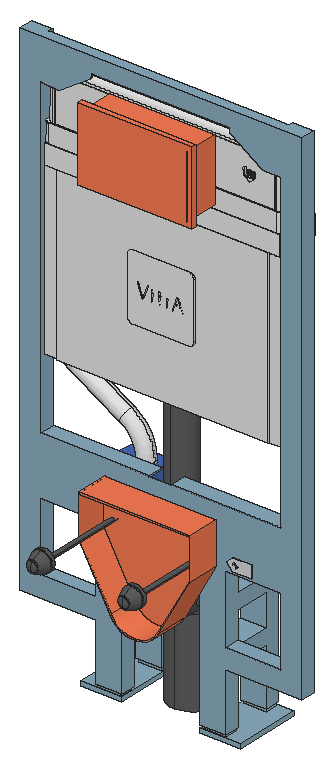
Revit family "ConcealedCistern-ForWallHungWCPans-8cm-InsideInPlasterboardWall-FloorMounting-VitrA-768-4800", category Plumbing Fixtures, host Face, Revit 2017 (continued)
Automatic sketch dimensions
  Extrusion 42 sketch curve to Extrusion 42 sketch curve = 17.976 mm
  Extrusion 42 sketch curve to Extrusion 42 sketch curve = 11.658 mm
  Extrusion 42 sketch curve to Extrusion 42 sketch curve = 10 mm  (x2)
  plane 3 "Center (Left/Right)" to Extrusion 42 sketch curve = 2.861 mm
  Extrusion 42 sketch curve to Extrusion 42 sketch curve = 0.937 mm
  Extrusion 42 sketch curve to Extrusion 42 sketch curve = 7.721 mm
  plane 3 "Center (Left/Right)" to Extrusion 42 sketch curve = 11.889 mm
  Extrusion 42 sketch curve to Extrusion 42 sketch curve = 1.502 mm
  Extrusion 42 sketch curve to Extrusion 42 sketch curve = 1.858 mm
  Extrusion 42 sketch curve to Extrusion 42 sketch curve = 2.553 mm
  Extrusion 42 sketch curve to Extrusion 42 sketch curve = 0.693 mm
  Extrusion 42 sketch curve to Extrusion 42 sketch curve = 4.368 mm
  Extrusion 42 sketch curve to Extrusion 42 sketch curve = 0.781 mm
  Extrusion 42 sketch curve to Extrusion 42 sketch curve = 9.696 mm
  Extrusion 42 sketch curve to Extrusion 42 sketch curve = 0.531 mm
  Extrusion 42 sketch curve to Extrusion 42 sketch curve = 0.879 mm
  Extrusion 42 sketch curve to Extrusion 42 sketch curve = 13.246 mm
  Extrusion 42 sketch curve to Extrusion 42 sketch curve = 0.258 mm
  Extrusion 42 sketch curve to Extrusion 42 sketch curve = 0.179 mm
  Extrusion 42 sketch curve to Extrusion 42 sketch curve = 1.384 mm
  Extrusion 42 sketch curve to Extrusion 42 sketch curve = 1.96 mm
  Extrusion 42 sketch curve to Extrusion 42 sketch curve = 1.397 mm
  Extrusion 42 sketch curve to Extrusion 42 sketch curve = 5.74 mm
  Extrusion 42 sketch curve to Extrusion 42 sketch curve = 0.284 mm
  Extrusion 42 sketch curve to Extrusion 42 sketch curve = 0.376 mm
  Extrusion 42 sketch curve to Extrusion 42 sketch curve = 1.63 mm
  Extrusion 42 sketch curve to Extrusion 42 sketch curve = 3.257 mm
  Extrusion 42 sketch curve to Extrusion 42 sketch curve = 0.824 mm
  Extrusion 42 sketch curve to Extrusion 42 sketch curve = 0.532 mm
  Extrusion 42 sketch curve to Extrusion 42 sketch curve = 11.499 mm
  plane 3 "Center (Left/Right)" to Extrusion 42 sketch curve = 55 mm
  plane 4 to Extrusion 42 sketch curve = 325.191 mm
  Extrusion 42 sketch curve to Extrusion 42 sketch curve = 41.818 mm
  Extrusion 42 sketch curve to Extrusion 42 sketch curve = 0.011 mm
  Extrusion 42 sketch curve to Extrusion 42 sketch curve = 0.223 mm  (x2)
  Extrusion 42 sketch curve to Extrusion 42 sketch curve = 0.584 mm
  Extrusion 42 sketch curve to Extrusion 42 sketch curve = 0.58 mm
  Extrusion 42 sketch curve to Extrusion 42 sketch curve = 0.129 mm
  Extrusion 42 sketch curve to Extrusion 42 sketch curve = 0.071 mm
  Extrusion 42 sketch curve to Extrusion 42 sketch curve = 0.201 mm
  Extrusion 42 sketch curve to Extrusion 42 sketch curve = 0.002 mm
  Extrusion 42 sketch curve to Extrusion 42 sketch curve = 1.093 mm
  Extrusion 42 sketch curve to Extrusion 42 sketch curve = 0.847 mm
  Extrusion 42 sketch curve to Extrusion 42 sketch curve = 2.594 mm
  Extrusion 42 sketch curve to Extrusion 42 sketch curve = 0.413 mm
  Extrusion 42 sketch curve to Extrusion 42 sketch curve = 8.73 mm
  Extrusion 42 sketch curve to Extrusion 42 sketch curve = 9.031 mm
  Extrusion 42 sketch curve to Extrusion 42 sketch curve = 1.187 mm
  Extrusion 42 sketch curve to Extrusion 42 sketch curve = 9.563 mm
  Extrusion 42 sketch curve to Extrusion 42 sketch curve = 0.343 mm
  Extrusion 42 sketch curve to Extrusion 42 sketch curve = 1.963 mm
  Extrusion 42 sketch curve to Extrusion 42 sketch curve = 1.53 mm
  Extrusion 42 sketch curve to Extrusion 42 sketch curve = 2.32 mm
  Extrusion 42 sketch curve to Extrusion 42 sketch curve = 3.431 mm
  Extrusion 42 sketch curve to Extrusion 42 sketch curve = 2.92 mm
  Extrusion 42 sketch curve to Extrusion 42 sketch curve = 1.049 mm
  Extrusion 42 sketch curve to Extrusion 42 sketch curve = 0.667 mm
  Extrusion 42 sketch curve to Extrusion 42 sketch curve = 13.754 mm
  Extrusion 42 sketch curve to Extrusion 42 sketch curve = 0 mm
  Extrusion 42 sketch curve to Extrusion 42 sketch curve = 3.29 mm
  Extrusion 42 sketch curve to Extrusion 42 sketch curve = 1.708 mm
  Extrusion 42 sketch curve to Extrusion 42 sketch curve = 1.713 mm
  Extrusion 42 sketch curve to Extrusion 42 sketch curve = 1.396 mm
  Extrusion 42 sketch curve to Extrusion 42 sketch curve = 2.653 mm
  Extrusion 42 sketch curve to Extrusion 42 sketch curve = 3.52 mm
  Extrusion 42 sketch curve to Extrusion 42 sketch curve = 3.889 mm
  Extrusion 42 sketch curve to Extrusion 42 sketch curve = 1.019 mm
  Extrusion 42 sketch curve to Extrusion 42 sketch curve = 1.585 mm
  Extrusion 42 sketch curve to Extrusion 42 sketch curve = 1.763 mm
  Extrusion 42 sketch curve to Extrusion 42 sketch curve = 7.024 mm
  Extrusion 42 sketch curve to Extrusion 42 sketch curve = 5.119 mm
  Extrusion 42 sketch curve to Extrusion 42 sketch curve = 4.575 mm
  Extrusion 42 sketch curve to Extrusion 42 sketch curve = 0.024 mm
  Extrusion 42 sketch curve to Extrusion 42 sketch curve = 3.66 mm
  Extrusion 42 sketch curve to Extrusion 42 sketch curve = 3.661 mm
  Extrusion 42 sketch curve to Extrusion 42 sketch curve = 19.437 mm
  Extrusion 42 sketch curve to Extrusion 42 sketch curve = 3.385 mm
  Extrusion 42 sketch curve to Extrusion 42 sketch curve = 0.203 mm  (x2)
  Extrusion 42 sketch curve to Extrusion 42 sketch curve = 43.99 mm
  Extrusion 43 sketch curve to plane 4 = 20.385 mm
  plane 7 to Extrusion 43 sketch curve = 130.625 mm
  Extrusion 43 sketch curve to plane 4 = 19.608 mm
  Extrusion 43 sketch curve to Extrusion 43 sketch curve = 1.807 mm
  Extrusion 43 sketch curve to plane 4 = 22.028 mm
  Extrusion 43 sketch curve to Extrusion 43 sketch curve = 0.714 mm
  Extrusion 43 sketch curve to Extrusion 43 sketch curve = 3.438 mm
  Extrusion 43 sketch curve to plane 4 = 23.9 mm
  Extrusion 43 sketch curve to Extrusion 43 sketch curve = 1.528 mm
  Extrusion 43 sketch curve to Extrusion 43 sketch curve = 1.368 mm
  Extrusion 43 sketch curve to Extrusion 43 sketch curve = 1.108 mm
  Extrusion 43 sketch curve to plane 4 = 0.916 mm
  Extrusion 43 sketch curve to Extrusion 43 sketch curve = 8.944 mm  (x2)
  Extrusion 43 sketch curve to plane 4 = 8.072 mm
  Extrusion 43 sketch curve to Extrusion 43 sketch curve = 1.77 mm
  Extrusion 43 sketch curve to Extrusion 43 sketch curve = 1.662 mm
  Extrusion 43 sketch curve to Extrusion 43 sketch curve = 1.232 mm
  Extrusion 44 sketch curve to plane 4 = 9.842 mm
  plane 7 to Extrusion 44 sketch curve = 120.588 mm
  Extrusion 44 sketch curve to Extrusion 44 sketch curve = 1.538 mm
  Extrusion 44 sketch curve to Extrusion 44 sketch curve = 1.719 mm  (x2)
  Extrusion 44 sketch curve to Extrusion 44 sketch curve = 2.156 mm
  Extrusion 44 sketch curve to Extrusion 44 sketch curve = 0.595 mm
  Extrusion 44 sketch curve to Extrusion 44 sketch curve = 4.307 mm
  Extrusion 44 sketch curve to Extrusion 44 sketch curve = 2.158 mm
  Extrusion 44 sketch curve to Extrusion 44 sketch curve = 0.507 mm
  Extrusion 44 sketch curve to Extrusion 44 sketch curve = 0.407 mm
  Extrusion 44 sketch curve to Extrusion 44 sketch curve = 4.288 mm
  Extrusion 44 sketch curve to Extrusion 44 sketch curve = 1.709 mm
  Extrusion 44 sketch curve to Extrusion 44 sketch curve = 0 mm  (x2)
  Extrusion 44 sketch curve to Extrusion 44 sketch curve = 6.389 mm
  Extrusion 44 sketch curve to Extrusion 44 sketch curve = 0.149 mm
  Extrusion 44 sketch curve to Extrusion 44 sketch curve = 0.466 mm
  Extrusion 44 sketch curve to Extrusion 44 sketch curve = 0.275 mm
  Extrusion 44 sketch curve to Extrusion 44 sketch curve = 0.349 mm
  Extrusion 44 sketch curve to Extrusion 44 sketch curve = 0.221 mm
  Extrusion 44 sketch curve to Extrusion 44 sketch curve = 1.997 mm
  Extrusion 44 sketch curve to Extrusion 44 sketch curve = 1.423 mm
  Extrusion 44 sketch curve to Extrusion 44 sketch curve = 0.344 mm
  plane 8 to Extrusion 33 sketch curve = 32.513 mm
  Extrusion 33 sketch curve to plane 5 = 197.549 mm
  Extrusion 33 sketch curve to plane 5 = 85.164 mm
  Extrusion 33 sketch curve to Extrusion 33 sketch curve = 2 mm
  plane 8 to Extrusion 33 sketch curve = 2.513 mm
  plane 8 to Sweep 26 sketch curve = 22.038 mm
  plane 1 "Center (Front/Back)" to Sweep 26 sketch curve = 27.846 mm
  Sweep 26 sketch curve to plane 5 = 134.854 mm
  plane 8 to Sweep 26 sketch curve = 4.538 mm
  Sweep 26 sketch curve to Sweep 26 sketch curve = 175 mm
  Extrusion 1 sketch curve to plane 1 "Center (Front/Back)" = 25.157 mm
  Extrusion 30 sketch curve to Extrusion 30 sketch curve = 28.679 mm
  Extrusion 30 sketch curve to Extrusion 30 sketch curve = 28.69 mm
  Extrusion 30 sketch curve to Extrusion 30 sketch curve = 0.01 mm
  Extrusion 31 sketch curve to Extrusion 31 sketch curve = 28.679 mm
  Extrusion 31 sketch curve to Extrusion 31 sketch curve = 28.69 mm
  Extrusion 31 sketch curve to Extrusion 31 sketch curve = 0.01 mm
  Extrusion 32 sketch curve to Extrusion 32 sketch curve = 23.679 mm  (x2)
  Extrusion 3 sketch curve to plane 10 = 47.341 mm
  plane 10 to Extrusion 4 sketch curve = 0 mm
  Extrusion 5 sketch curve to plane 10 = 41.472 mm  (x2)
  Extrusion 5 sketch curve to Extrusion 5 sketch curve = 4.246 mm
  Extrusion 5 sketch curve to plane 10 = 12 mm
  Extrusion 6 sketch curve to plane 10 = 0 mm  (x2)
  Extrusion 20 sketch curve to plane 10 = 46.33 mm
  curve 1 to Sweep 28 sketch curve = 0 mm
  Sweep 28 sketch curve to curve 1 = 0 mm
  curve 1 to Sweep 28 sketch curve = 48 mm
  curve 1 to Sweep 28 sketch curve = 67.384 mm
  curve 1 to Sweep 28 sketch curve = 50 mm
  curve 1 to plane 3 "Center (Left/Right)" = 0 mm
  radius of Extrusion 2 sketch curve = 65 mm
  radius of Extrusion 2 sketch curve = 26.044 mm
  radius of Extrusion 10 sketch curve = 15 mm
  radius of Extrusion 14 sketch curve = 9 mm
  radius of Sweep 19 sketch curve = 16 mm
  radius of Extrusion 22 sketch curve = 4.2 mm  (x2)
  radius of Sweep 26 sketch curve = 28 mm
  radius of Sweep 28 sketch curve = 46 mm
  radius of Extrusion 39 sketch curve = 15 mm  (x2)
  radius of Extrusion 41 sketch curve = 8.702 mm
  radius of Extrusion 42 sketch curve = 1.5 mm
Connectors
  electrical at (-81.844, 5.116, 370.98)
    settings: on cut or joined group of Blend 13, Extrusion 14, index 2, voltage 220 V, apparent load 0 VA, apparent load phase1 0 VA, apparent load phase2 0 VA, apparent load phase3 0 VA, power factor 1, load classification "Power", number of poles 1, system type 31, power factor state 1, is connector primary yes, connector utility no, sub classification motor no, connector description ""
  piping at (0, 0.045, 0), diameter 100, driven by "Waste Connection"
    settings: on Sweep 28, index 3, connector inside diameter 609.6 mm, connector length 0 mm, flow factor 0, pipe flow 0.0 L/s, pressure drop 0.0 Pa, fitting loss kfactor 0, connector angle 0.00°, fixture units 0, engagement length 0 mm, angle of deflection 0.00°, flow configuration 0, flow direction 2, fitting loss method 0, system type 16, joint type 0, gender type 0, connector reference index -1, connector utility 1, adjustable connector no, is connector primary yes, connector description ""
  piping at (-43.679, -33.357, 1084.875), diameter 15, driven by "CW Connection"
    settings: on Extrusion 41, index 4, connector inside diameter 609.6 mm, connector length 0 mm, flow factor 0, pipe flow 0.0 L/s, pressure drop 0.0 Pa, fitting loss kfactor 0, connector angle 0.00°, fixture units 0, engagement length 0 mm, angle of deflection 0.00°, flow configuration 0, flow direction 1, fitting loss method 0, system type 20, joint type 0, gender type 0, connector reference index -1, connector utility 1, adjustable connector no, is connector primary no, connector description ""
Types (2, lengths in mm): name | Technical description | Product url | Product group | Product SKU | Model | Description | Article No. (default)
  ConcealedCistern-ForWallHungWCPans-3/6lt-8cm-InsideInPlasterboardWall-FloorMounting-VitrA-768-4800-01 | "https://www.vitraglobal.com/pdf/748-4800-01/" | "https://www.vitraglobal.com/flushing-solutions-flush-plates/frames-cisterns/concealed-frame-systems/concealed-cistern-for-wall-hung-wc-pans-sku-748-4800-01/" | "Concealed Cistern for Wall-Hung WC Pans - Floor Fixation 3/6lt - 8 cm" | "768-4800-01" | "768-4800-01" | "VitrA Concealed Cistern for Wall-Hung WC Pans\r\nFloor Fixation, 3/6lt - 8cm" | "768-4800-01"
  ConcealedCistern-ForWallHungWCPans-2.5/4lt-8cm-InsideInPlasterboardWall-FloorMounting-VitrA-768-4800-02 | "https://www.vitraglobal.com/pdf/748-4800-02/" | "https://www.vitraglobal.com/flushing-solutions-flush-plates/frames-cisterns/concealed-frame-systems/concealed-cistern-for-wall-hung-wc-pans-sku-748-4800-02/" | "Concealed Cistern for Wall-Hung WC Pans - Floor Fixation 2.5/4lt - 8 cm" | "768-4800-02" | "768-4800-02" | "VitrA Concealed Cistern for Wall-Hung WC Pans - Floor Fixation 2.5/4lt - 8cm" | "768-4800-02"
